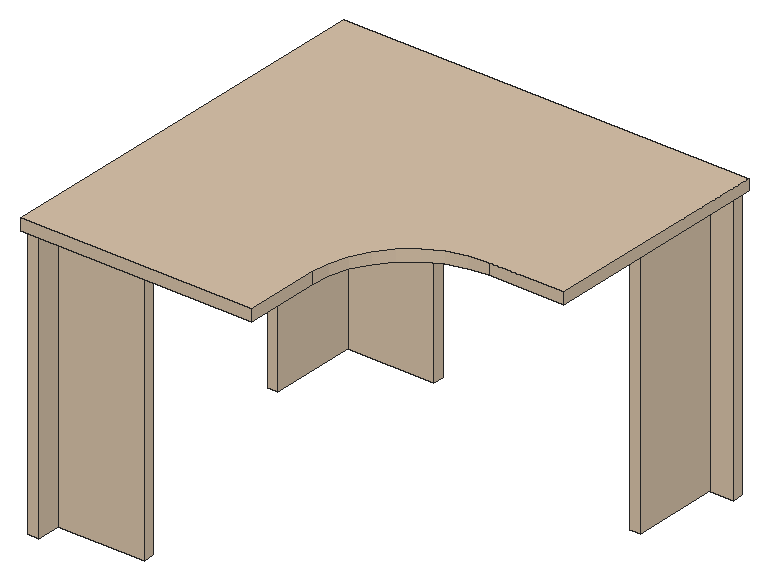
Revit family "Haworth_Masters_Corner_Shell", category Furniture Systems, Revit 2018
Family settings
  Round Connector Dimension = Use Diameter
  Part Type = Normal
  OmniClass Number = 23.40.70.14.64.21
  OmniClass Title = Systems Furniture
  Work Plane-Based = No
  Always vertical = Yes
  Cut with Voids When Loaded = No
  Shared = No
  Room Calculation Point = No
Parameters (values of type "42w 42d")
  Worksurface Finish [instance] = Haworth _ Wood _ White Oak
  Width = 42"
  Warranty = "http://www.haworth.com/resources/product-info/warranties"
  URL - Product = "https://www.haworth.com/products/desks/freestanding/masters-series"
  Thickness = 1 3/16"  # constant formula
  Sustainability Info = "https://www.haworth.com/company-info/sustainability"
  Support Finish [instance] = Haworth _ Wood _ White Oak
  Standard Depths = "36, 42 in."  # constant formula
  Model = "Haworth Masters"  # constant formula
  URL = "www.haworth.com"
  Size = "Verify Final Dim. w/ Haworth"  # constant formula
  Revision Number = "1"  # constant formula
  Min. Width = 36"  # constant formula
  Min. Depth Side = if(Actual Depth = Max. Depth, 24", 19")  # 24"
  Max. Width = 42"  # constant formula
  Min. Depth = 36"  # constant formula
  Max. Depth = 42"  # constant formula
  Max. Depth Side = if(Actual Depth = Max. Depth, 30", 24")  # 30"
  Manufacturer = "Haworth"  # constant formula
  Edge Finish [instance] = Haworth _ Wood _ White Oak
  Description = "Haworth - Masters - Corner Shell - 42w 42d"
  Depth Right = 24"
  Depth Left = 24"
  Depth = Width  # 42"
  Custom Size = not(and(or(Width = 36", Width = 42"), and(or(Depth = 36", Depth = 42"))))  # no
  Author = "Haworth (Alias)"  # constant formula
  Assembly Code = "E2020200"
  Actual Width = if(Width < Min. Width, Min. Width, if(Width > Max. Width, Max. Width, Width))  # 42"
  Actual Height = 29 1/8"  # constant formula
  Actual Depth Right = if(Depth Right < Min. Depth Side, Min. Depth Side, if(Depth Right > Max. Depth Side, Max. Depth Side, Depth Right))  # 24"
  Actual Depth Left = if(Depth Left < Min. Depth Side, Min. Depth Side, if(Depth Left > Max. Depth Side, Max. Depth Side, Depth Left))  # 24"
  Actual Depth = if(Depth < Min. Depth, Min. Depth, if(Depth > Max. Depth, Max. Depth, Depth))  # 42"
  Standard Widths = "36, 42 in."  # constant formula
Types (2): name | Width | Min. Depth Side | Max. Depth Side | Description | Depth | Actual Width | Actual Depth
  42w 42d | 42" | 24" | 30" | "Haworth - Masters - Corner Shell - 42w 42d" | 42" | 42" | 42"
  36w 36d | 36" | 19" | 24" | "Haworth - Masters - Corner Shell - 36w 36d" | 36" | 36" | 36"
Reference planes (in)
  plane 1 "Back": y = -10
  plane 2: z = 0
  plane 3 "Center": x = 29.0625
  plane 4 "Top": z = 29.125
  plane 5 "Bottom of Top": z = 27.9375
  plane 6 "Front": y = -52
  plane 7 "Center (F/B)": y = -31
  plane 8 "Right": x = 50.0625
  plane 9 "Left": x = 8.0625
  plane 10: y = -10.78125
  plane 11: x = 8.84375
  plane 12: x = 9.97059
  plane 13: y = -11.90809
  plane 14: y = -48.37534
  plane 15: y = -49.53125
  plane 16: x = 47.59375
  plane 17: x = 46.43787
Forms (in)
  Extrusion 1, solid, material "Haworth _ Wood _ White Oak" <- "Support Finish"
    sketch origin (0, 0, 0) x (1, 0, 0) y (0, 1, 0)
      loop
        line (8.84375, -10.78125) -> (8.84375, -20.90809) -> (9.97059, -20.90809) -> (9.97059, -10.78125) -> (8.84375, -10.78125)
    from 0 to 27.9375
  Extrusion 2, solid, material "Haworth _ Wood _ White Oak" <- "Support Finish"
    sketch origin (0, 0, 0) x (1, 0, 0) y (0, 1, 0)
      loop
        line (9.97059, -10.78125) -> (9.97059, -11.90809) -> (18.97059, -11.90809) -> (18.97059, -10.78125) -> (9.97059, -10.78125)
    from 0 to 27.9375
  Extrusion 3, solid, material "Haworth _ Wood _ White Oak" <- "Support Finish"
    sketch origin (0, 0, 0) x (1, 0, 0) y (0, 1, 0)
      loop
        line (8.84375, -41.78125) -> (8.84375, -52) -> (9.97059, -52) -> (9.97059, -41.78125) -> (8.84375, -41.78125)
    from 0 to 27.9375
  Extrusion 4, solid, material "Haworth _ Wood _ White Oak" <- "Support Finish"
    sketch origin (0, 0, 0) x (1, 0, 0) y (0, 1, 0)
      loop
        line (9.97059, -48.37534) -> (9.97059, -49.53125) -> (18.97059, -49.53125) -> (18.97059, -48.37534) -> (9.97059, -48.37534)
    from 0 to 27.9375
  Extrusion 5, solid, material "Haworth _ Wood _ White Oak" <- "Support Finish"
    sketch origin (0, 0, 0) x (1, 0, 0) y (0, 1, 0)
      loop
        line (39.84203, -10.78125) -> (39.84203, -11.90809) -> (50.0625, -11.90809) -> (50.0625, -10.78125) -> (39.84203, -10.78125)
    from 0 to 27.9375
  Extrusion 6, solid, material "Haworth _ Wood _ White Oak" <- "Support Finish"
    sketch origin (0, 0, 0) x (1, 0, 0) y (0, 1, 0)
      loop
        line (46.43787, -11.90809) -> (46.43787, -20.90809) -> (47.59375, -20.90809) -> (47.59375, -11.90809) -> (46.43787, -11.90809)
    from 0 to 27.9375
Dimensions and locks (in)
  "Actual Height": plane 4 "Top" to level
  "Actual Depth": plane 1 "Back" to plane 6 "Front"
  "Thickness": plane 4 "Top" to plane 5 "Bottom of Top"
  equal spacing: plane 1 "Back", plane 7 "Center (F/B)", plane 6 "Front"
  equal spacing: plane 9 "Left", plane 3 "Center", plane 8 "Right"
  "Actual Width": plane 9 "Left" to plane 8 "Right"
  locked: plane 10 to plane 1 "Back" at 0.78125
  locked: plane 9 "Left" to plane 11 at 0.78125
  locked: plane 13 to plane 10 at 1.12684
  locked: plane 11 to plane 12 at 1.12684
  locked: plane 6 "Front" to plane 15 at 2.46875
  locked: plane 15 to plane 14 at 1.15591
  locked: plane 16 to plane 8 "Right" at 2.46875
  locked: plane 17 to plane 16 at 1.15588
  locked: plane 13 to Extrusion 1 sketch curve at 9
  locked: plane 12 to Extrusion 2 sketch curve at 9
  locked: plane 6 "Front" to Extrusion 3 sketch curve at 10.21875
  locked: plane 12 to Extrusion 4 sketch curve at 9
  locked: Extrusion 5 sketch curve to plane 8 "Right" at 10.22047
  locked: plane 13 to Extrusion 6 sketch curve at 9
  aligned and locked: level to plane 2
  aligned and locked: Extrusion 1 sketch curve to plane 11
  aligned and locked: plane 12 to Extrusion 1 sketch curve
  aligned and locked: plane 10 to Extrusion 1 sketch curve
  aligned and locked: plane 10 to Extrusion 2 sketch curve
  aligned and locked: Extrusion 2 sketch curve to plane 13
  aligned and locked: Extrusion 2 sketch curve to plane 12
  aligned and locked: plane 2 to nested 1
  aligned and locked: Extrusion 2 to plane 2
  aligned and locked: Extrusion 1 to plane 2
  aligned and locked: plane 5 "Bottom of Top" to Extrusion 2
  aligned and locked: plane 5 "Bottom of Top" to Extrusion 1
  aligned and locked: plane 6 "Front" to Extrusion 3 sketch curve
  aligned and locked: Extrusion 3 sketch curve to plane 11
  aligned and locked: plane 12 to Extrusion 3 sketch curve
  aligned and locked: plane 14 to Extrusion 4 sketch curve
  aligned and locked: Extrusion 4 sketch curve to plane 15
  aligned and locked: Extrusion 4 sketch curve to plane 12
  aligned and locked: Extrusion 5 sketch curve to plane 8 "Right"
  aligned and locked: plane 10 to Extrusion 5 sketch curve
  aligned and locked: Extrusion 5 sketch curve to plane 13
  aligned and locked: plane 13 to Extrusion 6 sketch curve
  aligned and locked: Extrusion 6 sketch curve to plane 17
  aligned and locked: plane 16 to Extrusion 6 sketch curve
  aligned and locked: Extrusion 5 to plane 2
  aligned and locked: Extrusion 6 to plane 2
  aligned and locked: plane 5 "Bottom of Top" to Extrusion 6
  aligned and locked: plane 5 "Bottom of Top" to Extrusion 5
  aligned and locked: Extrusion 4 to plane 2
  aligned and locked: Extrusion 3 to plane 2
  aligned and locked: plane 5 "Bottom of Top" to Extrusion 3
  aligned and locked: plane 5 "Bottom of Top" to Extrusion 4
  aligned and locked: nested 1 to plane 1 "Back"
  aligned and locked: nested 1 to plane 9 "Left"
Nested families (in)
  nested 1: "Haworth_Masters_CornerShell_Worksurface_Part" at (28.0625, -45, 0), type "Worksurface"
    with Actual Height 29 1/8", Actual Depth Right 24", Actual Depth Left 24"
Definition of nested family "Haworth_Masters_CornerShell_Worksurface_Part"
  Parameters (values of type "Worksurface")
    Warranty = "http://www.haworth.com/resources/product-info/warranties"
    URL - Product = ""
    URL = "www.haworth.com"
    Thickness = 1 3/16"  # constant formula
    Table Finish = none
    Table Edge Finish = none
    Size = "Verify Final Dim. w/ Haworth"  # constant formula
    Revision Number = ""
    Radius = 10 7/32"  # constant formula
    Model = "Haworth Masters"  # constant formula
    Manufacturer = "Haworth"  # constant formula
    Description = "Haworth Masters Worksurface - Part"
    Author = "Haworth (Alias)"  # constant formula
    Assembly Code = ""
    Actual Width = 42"
    Actual Height = 29"
    Actual Depth Right = 30"
    Actual Depth Left = 30"
    Actual Depth = 42"
  Reference planes (in)
    plane 1 "Center F/B": y = 14
    plane 2: z = 0
    plane 3 "Center L/R": x = 1
    plane 4 "Table Front": y = 35
    plane 5 "Table Right": x = 22
    plane 6 "Table Left": x = -20
    plane 7 "Table Back": y = -7
    plane 8 "Table Top": z = 29
    plane 9 "Table Bottom": z = 27.8125
    plane 10 "Knife Edge Middle": z = 28.625
    plane 11: through (-20, 35, 48) normal (0.7071, 0.7071, 0)
    plane 12 "Inside Flat 1": x = 10
    plane 13 "Inside Flat 2": y = 5
  Forms (in)
    Extrusion 1, solid, material <- "Table Finish"
      sketch origin (0, 0, 0) x (1, 0, 0) y (0, 1, 0)
        loop
          line (-20, 35) -> (-20, -7) -> (10, -7) -> (10, -5.21875)
          arc (10, -5.21875) -> (12.993, 2.007) -> (20.21875, 5) r 10.21875
          line (20.21875, 5) -> (22, 5) -> (22, 35) -> (-20, 35)
      from 27.8125 to 29
  Lines and regions (in)
    Masking region 1
      outline origin (0, 0, 0) x (1, 0, 0) y (0, 1, 0)
        loop
          line (-20, 35) -> (-20, -7) -> (10, -7) -> (10, -5.21875)
          arc (10, -5.21875) -> (12.993, 2.007) -> (20.21875, 5) r 10.21875
          line (20.21875, 5) -> (22, 5) -> (22, 35) -> (-20, 35)
  Dimensions and locks (in)
    "Actual Width": plane 6 "Table Left" to plane 5 "Table Right"
    equal spacing: plane 6 "Table Left", plane 3 "Center L/R", plane 5 "Table Right"
    equal spacing: plane 4 "Table Front", plane 1 "Center F/B", plane 7 "Table Back"
    "Thickness": plane 8 "Table Top" to plane 9 "Table Bottom"
    "Actual Height": plane 8 "Table Top" to level
    locked: plane 8 "Table Top" to plane 10 "Knife Edge Middle" at 0.375
    "Actual Depth": plane 4 "Table Front" to plane 7 "Table Back"
    "Actual Depth Left": plane 6 "Table Left" to plane 12 "Inside Flat 1"
    "Actual Depth Right": plane 13 "Inside Flat 2" to plane 4 "Table Front"
    "Radius": radius of Extrusion 1 sketch curve
    "Radius": radius of Masking region 1 sketch curve
    aligned and locked: Extrusion 1 sketch curve to plane 4 "Table Front"
    aligned and locked: plane 8 "Table Top" to Extrusion 1
    aligned and locked: Extrusion 1 to plane 9 "Table Bottom"
    aligned and locked: Masking region 1 sketch curve to plane 7 "Table Back"
    aligned and locked: plane 6 "Table Left" to Masking region 1 sketch curve
    aligned and locked: Masking region 1 sketch curve to plane 4 "Table Front"
    aligned and locked: plane 5 "Table Right" to Masking region 1 sketch curve
    aligned and locked: plane 7 "Table Back" to Extrusion 1 sketch curve
    aligned and locked: plane 5 "Table Right" to Extrusion 1 sketch curve
    aligned and locked: plane 6 "Table Left" to Extrusion 1 sketch curve
    aligned and locked: plane 12 "Inside Flat 1" to Extrusion 1 sketch curve
    aligned and locked: Extrusion 1 sketch curve to plane 13 "Inside Flat 2"
    aligned and locked: Masking region 1 sketch curve to plane 13 "Inside Flat 2"
    aligned and locked: plane 12 "Inside Flat 1" to Masking region 1 sketch curve
